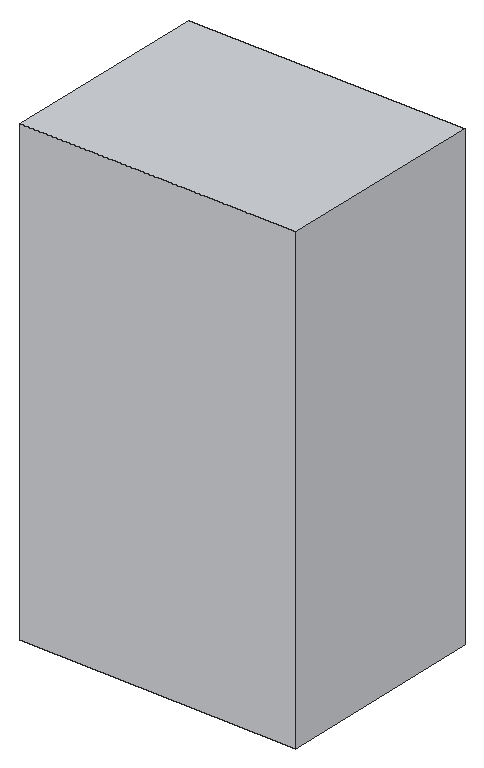
Revit family
Parameters
  Warranty Duration (Years) = 0
  Unit Width [instance] = 1' - 8 177/256"
  Unit Height [instance] = 0' - 9 99/256"
  Unit Depth = 0' - 0"
  URL = "http://www.americanspecialties.com/viewCategories.cfm"
  Trim Material = Metal - Stainless Steel
  Test Data = ""
  Specification = "http://www.arcat.com/sdspecs/htm/10810asi.htm"
  SpecWizard = ""
  Send Message = "http://www.arcat.com/users.pl?action=UserEmail&company=American%20Specialties,%20Inc.&coid=30448&rep=139&fax=914-476-0688&mf="
  Sales Information = "http://www.americanspecialties.com/contact"
  Revision = "R1_10-2010"
  Product Properties = "http://www.americanspecialties.com/datasheets/0735-Z.pdf"
  Product Data = "http://www.arcat.com/arcatcos/cos30/arc30448.html"
  Model = "As Specified in 10 28 13"
  Manufacturer Website = "http://www.americanspecialties.com/viewCategories.cfm"
  Manufacturer Phone - Toll Free = ""
  Manufacturer Phone = "914-476-9000 "
  Manufacturer Fax = "914-476-0688"
  Manufacturer Address = "441 Saw Mill River Rd., Yonkers, NY 10701"
  Manufacturer = "American Specialties, Inc."
  Maintenance Schedule (Months) = 0
  Keynote = "10 28 13"
  Installation-Fabrication = "http://www.americanspecialties.com/products.cfm"
  Green Building-LEED = ""
  Expected Lifespan (Years) = 0
  Drawn By = "Robert S. Weygant. CSI, CDT, SCIP"  # constant formula
  Description = "Toilet Accessory as Specified in 10 28 13"
  Default Elevation = 4' - 0"
  Copyright = "©Arcat Inc."
  Construction Details = "http://www.arcat.com/green/clients/leed_data_30448.html"
  Building Codes = "http://www.americanspecialties.com/products.cfm"
  Body Material = Metal - Stainless Steel
  Assembly Code = "C1030210"
Reference planes (in)
  plane 1 "Center (Front/Back)": y = -0.29112
  plane 2 "Floor Line": z = 0
  plane 3 "Center (Left/Right)": x = -0.65843
Forms (in)
  Extrusion 1, solid
    sketch origin (-3, -9, -6) x (0, 0, -1) y (1, 0, 0)
      loop
        line (-82, 26) -> (-82, -19.34712) -> (-6, -19.34712) -> (-6, 26) -> (-82, 26)
    from 9 to -25.60721
  Extrusion 2, solid, material "Metal - Stainless Steel" <- "Body Material"
    sketch origin (-7.50536, -0.16612, -4.29972) x (1, 0, 0) y (0, 0, 1)
      loop
        arc (5.10865, 7.54972) -> (4.96778, 7.49137) -> (4.90943, 7.3505) r 0.19922
        line (4.90943, 7.3505) -> (4.90943, 4.87394)
        arc (4.90943, 4.87394) -> (4.96778, 4.73307) -> (5.10865, 4.67472) r 0.19922
        line (5.10865, 4.67472) -> (8.58521, 4.67472)
        arc (8.58521, 4.67472) -> (8.72608, 4.73307) -> (8.78443, 4.87394) r 0.19922
        line (8.78443, 4.87394) -> (8.78443, 7.3505)
        arc (8.78443, 7.3505) -> (8.72608, 7.49137) -> (8.58521, 7.54972) r 0.19922
        line (8.58521, 7.54972) -> (5.10865, 7.54972)
    from 0 to 0.25
  Sweep 3, void
    path origin (0, -0.29112, 0) x (1, 0, 0) y (0, 0, 1)
      loop
        arc (-2.39671, 3.25) -> (-2.53758, 3.19165) -> (-2.59593, 3.05078) r 0.19922
        line (-2.59593, 3.05078) -> (-2.59593, 0.57422)
        arc (-2.59593, 0.57422) -> (-2.53758, 0.43335) -> (-2.39671, 0.375) r 0.19922
        line (-2.39671, 0.375) -> (1.07985, 0.375)
        arc (1.07985, 0.375) -> (1.22072, 0.43335) -> (1.27907, 0.57422) r 0.19922
        line (1.27907, 0.57422) -> (1.27907, 3.05078)
        arc (1.27907, 3.05078) -> (1.22072, 3.19165) -> (1.07985, 3.25) r 0.19922
        line (1.07985, 3.25) -> (-2.39671, 3.25)
    profile origin (-0.65843, -0.29112, 3.25) x (0, 0, 1) y (0, -1, 0)
      loop
        arc (-0.03231, 0.125) -> (-0.00946, 0.11554) -> (0, 0.09269) r 0.03231
        line (0, 0.09269) -> (0, 0.125) -> (-0.03231, 0.125)
      loop
        line (-0.03231, -0.125) -> (0, -0.125) -> (0, -0.09269)
        arc (0, -0.09269) -> (-0.00946, -0.11554) -> (-0.03231, -0.125) r 0.03231
  Extrusion 4, solid, material "Metal - Stainless Steel" <- "Body Material"
    sketch origin (-1.72093, 0, 0) x (0, 1, 0) y (0, 0, 1)
      loop
        line (0.45888, 0) -> (0.45888, 0.03903)
        arc (0.45888, 0.03903) -> (0.36052, 0.27649) -> (0.12306, 0.37485) r 0.33582
        line (0.12306, 0.37485) -> (-0.13382, 0.37485)
        arc (-0.13382, 0.37485) -> (-0.15667, 0.38431) -> (-0.16613, 0.40716) r 0.03231
        arc (-0.16613, 0.40716) -> (-0.1756, 0.38431) -> (-0.19844, 0.37485) r 0.03231
        line (-0.19844, 0.37485) -> (-0.38379, 0.37485)
        arc (-0.38379, 0.37485) -> (-0.40664, 0.38431) -> (-0.4161, 0.40716) r 0.03231
        arc (-0.4161, 0.40716) -> (-0.42556, 0.38431) -> (-0.44841, 0.37485) r 0.03231
        line (-0.44841, 0.37485) -> (-0.70529, 0.37485)
        arc (-0.70529, 0.37485) -> (-0.94276, 0.27649) -> (-1.04112, 0.03903) r 0.33582
        line (-1.04112, 0.03903) -> (-1.04112, 0) -> (0.45888, 0)
    from 0 to 2.125
  Extrusion 5, void
    sketch origin (0, -0.29112, 0) x (1, 0, 0) y (0, 0, 1)
      loop
        circle (-0.65573, 1.81082) r 1.1875
      loop
        arc (0.77258, 2.03213) -> (0.73254, 1.81082) -> (0.77258, 1.58951) r 0.63161
        arc (0.77258, 1.58951) -> (0.90533, 1.56082) -> (1.03808, 1.58951) r 0.32148
        arc (1.03808, 1.58951) -> (1.07812, 1.81082) -> (1.03808, 2.03213) r 0.63161
        arc (1.03808, 2.03213) -> (0.90533, 2.06082) -> (0.77258, 2.03213) r 0.32148
      loop
        arc (0.36972, 2.82941) -> (0.46741, 2.62682) -> (0.62989, 2.47131) r 0.63161
        arc (0.62989, 2.47131) -> (0.75414, 2.52613) -> (0.84467, 2.62737) r 0.32148
        arc (0.84467, 2.62737) -> (0.74698, 2.82995) -> (0.5845, 2.98546) r 0.63161
        arc (0.5845, 2.98546) -> (0.46025, 2.93064) -> (0.36972, 2.82941) r 0.32148
      loop
        arc (0.36972, 0.79223) -> (0.46025, 0.69099) -> (0.5845, 0.63618) r 0.32148
        arc (0.5845, 0.63618) -> (0.74698, 0.79169) -> (0.84467, 0.99427) r 0.63161
        arc (0.84467, 0.99427) -> (0.75414, 1.0955) -> (0.62989, 1.15032) r 0.32148
        arc (0.62989, 1.15032) -> (0.46741, 0.99481) -> (0.36972, 0.79223) r 0.63161
      loop
        arc (-2.08945, 2.03213) -> (-2.2222, 2.06082) -> (-2.35495, 2.03213) r 0.32148
        arc (-2.35495, 2.03213) -> (-2.39499, 1.81082) -> (-2.35495, 1.58951) r 0.63161
        arc (-2.35495, 1.58951) -> (-2.2222, 1.56082) -> (-2.08945, 1.58951) r 0.32148
        arc (-2.08945, 1.58951) -> (-2.04941, 1.81082) -> (-2.08945, 2.03213) r 0.63161
      loop
        arc (-1.68658, 2.82941) -> (-1.77712, 2.93064) -> (-1.90137, 2.98546) r 0.32148
        arc (-1.90137, 2.98546) -> (-2.06385, 2.82995) -> (-2.16154, 2.62737) r 0.63161
        arc (-2.16154, 2.62737) -> (-2.07101, 2.52613) -> (-1.94675, 2.47131) r 0.32148
        arc (-1.94675, 2.47131) -> (-1.78427, 2.62682) -> (-1.68658, 2.82941) r 0.63161
      loop
        arc (-1.68658, 0.79223) -> (-1.78427, 0.99481) -> (-1.94675, 1.15032) r 0.63161
        arc (-1.94675, 1.15032) -> (-2.07101, 1.0955) -> (-2.16154, 0.99427) r 0.32148
        arc (-2.16154, 0.99427) -> (-2.06385, 0.79169) -> (-1.90137, 0.63618) r 0.63161
        arc (-1.90137, 0.63618) -> (-1.77712, 0.69099) -> (-1.68658, 0.79223) r 0.32148
    from -0.45315 to 1.09215
Cuts and joins
  Sweep 3, Extrusion 5 cuts Extrusion 2
Dimensions and locks (in)
  aligned and locked: Extrusion 1 to level
